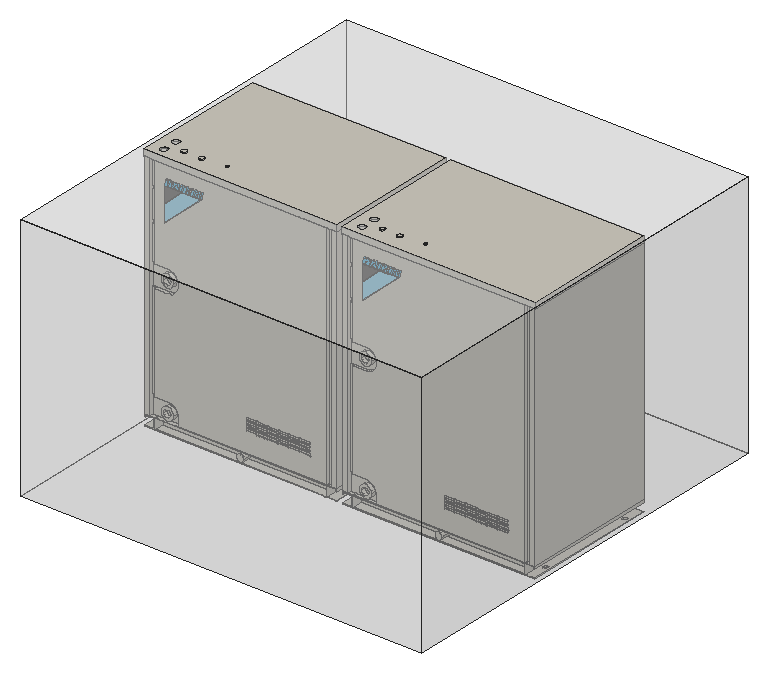
Revit family "outputfile", category 機械設備, Revit 2024
Family settings
  丸型コネクタ寸法 = 半径を使用
  種別 = なし
  パーツ タイプ = 標準
  OmniClass 番号 = 23.75.10.24.21.27.27
  OmniClass タイトル = Split System Air Conditioning Units
  作業面ベース = いいえ
  常に垂直 = はい
  ロード時にボイドで切り取り = いいえ
  注釈の向きを維持 = いいえ
  共有 = いいえ
  部屋計算ポイント = いいえ
Parameters (values of type "RWEYQ14TY14")
  製造元 = "Daikin"
  書き出し IFC クラス(タイプ) = "IfcUnitaryEquipmentType"
  定義済み IFC タイプ(タイプ) = "AIRCONDITIONINGUNIT"
  モデル = "RWEYQ14TY14"
  w_unit2 = 780.0 mm
  w_unit1 = 780.0 mm
  switch_unit2_6-8 [instance] = if(Reverse_ModuleSequence, if(default_unit1 = 1, 1 = 1, 1 = 0), if(default_unit2 = 1, 1 = 1, 1 = 0))  # yes
  switch_unit2_12 [instance] = if(Reverse_ModuleSequence, if(default_unit1 = 3, 1 = 1, 1 = 0), if(default_unit2 = 3, 1 = 1, 1 = 0))  # no
  switch_unit2_10 [instance] = if(Reverse_ModuleSequence, if(default_unit1 = 2, 1 = 1, 1 = 0), if(default_unit2 = 2, 1 = 1, 1 = 0))  # no
  switch_unit1_6-8 [instance] = if(Reverse_ModuleSequence, if(default_unit2 = 1, 1 = 1, 1 = 0), if(default_unit1 = 1, 1 = 1, 1 = 0))  # yes
  switch_unit1_12 [instance] = if(Reverse_ModuleSequence, if(default_unit2 = 3, 1 = 1, 1 = 0), if(default_unit1 = 3, 1 = 1, 1 = 0))  # no
  switch_unit1_10 [instance] = if(Reverse_ModuleSequence, if(default_unit2 = 2, 1 = 1, 1 = 0), if(default_unit1 = 2, 1 = 1, 1 = 0))  # no
  rangle_Drain [instance] = if(Rear Connection_Drain, 180.00°, 0.00°)  # 0.00°
  r_Water Outlet Pipe Connection_unit2 [instance] = Water Outlet Pipe Connection_Unit2 / 2  # 15.9 mm
  r_Water Outlet Pipe Connection_unit1 [instance] = Water Outlet Pipe Connection_Unit1 / 2  # 15.9 mm
  r_Water Inlet Pipe Connection_unit2 [instance] = Water Inlet Pipe Connection_Unit2 / 2  # 15.9 mm
  r_Water Inlet Pipe Connection_unit1 [instance] = Water Inlet Pipe Connection_Unit1 / 2  # 15.9 mm
  r_Liquid Pipe Size_unit2 [instance] = Liquid Pipe Size_Unit 2 / 2  # 4.75 mm
  r_HP/LP Gas Pipe Size_unit2 [instance] = [HP/LP Gas Pipe Size_Unit 2] / 2  # 9.55 mm
  r_HP/LP Gas Pipe Size_unit1 [instance] = [HP/LP Gas Pipe Size_Unit 1] / 2  # 9.55 mm
  r_Gas Pipe Size_unit2 [instance] = Gas Pipe Size_Unit 2 / 2  # 9.55 mm
  r_Drain Pipe Size = Drain Pipe Size / 2  # 6.35 mm
  lw_powersupply2 = 51.0 mm
  lw_liquidpipe2 = 274.0 mm
  lw_gaspipe2 [instance] = if(Heat Pump, 107.0 mm, 178.0 mm)  # 107.0 mm
  lw_Water Outlet2 = 95.0 mm
  lw_Water Outlet1 = 95.0 mm
  lw_Water Inlet2 = 95.0 mm
  lw_Water Inlet1 = 95.0 mm
  lw_HP/LP Gas Pipe2 [instance] = if(Heat Pump, 178.0 mm, 107.0 mm)  # 178.0 mm
  lw_HP/LP Gas Pipe1 [instance] = if(Heat Pump, 178.0 mm, 107.0 mm)  # 178.0 mm
  lw_Drain2 = 390.0 mm
  lw_Drain1 = 390.0 mm
  ld_HP/LP Gas Pipe = 69.0 mm
  h_mountinghole = [h_***] + 2.3 mm  # 2.3 mm
  r_Liquid Pipe Size_unit1 [instance] = Liquid Pipe Size_Unit 1 / 2  # 4.75 mm
  r_Gas Pipe Size_unit1 [instance] = Gas Pipe Size_Unit 1 / 2  # 9.55 mm
  distance_unit1-2 [instance] = 20.0 mm
  default_unit2 = 1
  default_unit1 = 1
  default_Water Outlet Pipe Connection_Unit 2 = 31.8 mm
  default_Water Outlet Pipe Connection_Unit 1 = 31.8 mm
  default_Water Inlet Pipe Connection_Unit 2 = 31.8 mm
  default_Water Inlet Pipe Connection_Unit 1 = 31.8 mm
  default_Model_Unit 2 = "RWEYQ6TY14"
  default_Model_Unit 1 = "RWEYQ8TY14"
  default_Liquid Pipe Size_Unit 2 = 9.5 mm
  default_Liquid Pipe Size_Unit 1 = 9.5 mm
  default_HP/LP Gas Pipe Size_Unit 2 [instance] = if(and(Heat Pump, [switch_unit2_6-8]), 19.1 mm, if(and(Heat Pump, switch_unit2_10), 22.2 mm, if(and(Heat Pump, switch_unit2_12), 22.2 mm, if(and(Heat Recovery, [switch_unit2_6-8]), 15.9 mm, if(and(Heat Recovery, switch_unit2_10), 19.1 mm, if(and(Heat Recovery, switch_unit2_12), 19.1 mm, 19.1 mm))))))  # 19.1 mm
  default_HP/LP Gas Pipe Size_Unit 1 [instance] = if(and(Heat Pump, [switch_unit1_6-8]), 19.1 mm, if(and(Heat Pump, switch_unit1_10), 22.2 mm, if(and(Heat Pump, switch_unit1_12), 22.2 mm, if(and(Heat Recovery, [switch_unit1_6-8]), 15.9 mm, if(and(Heat Recovery, switch_unit1_10), 19.1 mm, if(and(Heat Recovery, switch_unit1_12), 19.1 mm, 19.1 mm))))))  # 19.1 mm
  default_Gas Pipe Size_Unit 2 = 19.1 mm
  default_Gas Pipe Size_Unit 1 = 19.1 mm
  Water Outlet Pipe Connection_Unit2 [instance] = if(Reverse_ModuleSequence, default_Water Inlet Pipe Connection_Unit 1, default_Water Inlet Pipe Connection_Unit 2)  # 31.8 mm
  Water Outlet Pipe Connection_Unit1 [instance] = if(Reverse_ModuleSequence, default_Water Outlet Pipe Connection_Unit 2, default_Water Outlet Pipe Connection_Unit 1)  # 31.8 mm
  Water Inlet Pipe Connection_Unit2 [instance] = if(Reverse_ModuleSequence, default_Water Outlet Pipe Connection_Unit 1, default_Water Outlet Pipe Connection_Unit 2)  # 31.8 mm
  Water Inlet Pipe Connection_Unit1 [instance] = if(Reverse_ModuleSequence, default_Water Inlet Pipe Connection_Unit 2, default_Water Inlet Pipe Connection_Unit 1)  # 31.8 mm
  Voltage_comment_50Hz = "380-415"
  Voltage_50Hz = 400 V
  Top Connection_powersupply2 [instance] = not(Top Connection_powersupply1)  # no
  Sound Power Level (dB) = 71
  Reverse_ModuleSequence [instance] = no
  Rear Connection_Drain [instance] = not(Front Connection_Drain)  # no
  Power Input (Heating) = 6.670 kW
  Phase_50Hz = 3
  Nominal Heating Capacity = 43.000 kW
  Model_Unit 2 [instance] = if(Reverse_ModuleSequence, default_Model_Unit 1, default_Model_Unit 2)  # "RWEYQ6TY14"
  Model_Unit 1 [instance] = if(Reverse_ModuleSequence, default_Model_Unit 2, default_Model_Unit 1)  # "RWEYQ8TY14"
  Minimum Circuit Amps_50Hz = 27.3 A
  Maximum Fuse Amps_50Hz = 35.0 A
  Material_Heat Exchanger = DAIKIN_Blue_HE_outdoorunit
  Material_Casing = DAIKIN_IvoryWhite_Casing_outdoorunit
  lw_powersupply1 = 51.0 mm
  lw_liquidpipe1 = 274.0 mm
  lw_gaspipe1 [instance] = if(Heat Pump, 107.0 mm, 178.0 mm)  # 107.0 mm
  lh_powersupply = 940.0 mm
  ld_powersupply [instance] = if(Top Connection_powersupply1, 38.0 mm, 98.0 mm)  # 38.0 mm
  ld_liquidpipe = 79.0 mm
  ld_gaspipe = 69.0 mm
  h_*** = 0.0 mm
  Width [instance] = [distance_unit1-2] + w_unit1 + w_unit2  # 1580.0 mm
  Version = "ver.1.0"
  Unit Type = ""
  Unit Mass Weight = 292.00 kg
  Unit Designation [instance] = ""
  Uniclass2015Version = "Products v1.30"
  Uniclass2015Title = "Variable refrigerant flow units"
  Uniclass2015Code = "Pr_70_65_03_94"
  Total Cooling Capacity [instance] = 0.000 kW
  Sound Pressure Level (dBA) = 53
  Series = "VRV Heat Recovery"
  Refrigerant_Base Charge = 7.000 kg
  Refrigerant_Additional Charge [instance] = 0.000 kg
  Refrigerant Type = "R410A"
  Power Input (Cooling) = 6.440 kW
  Option Accessory 3 [instance] = ""
  Option Accessory 2 [instance] = ""
  Option Accessory 1 [instance] = ""
  Nominal Cooling Capacity = 38.400 kW
  Load Classification = HVAC
  Liquid Pipe Size_Unit 2 [instance] = if(Reverse_ModuleSequence, default_Liquid Pipe Size_Unit 1, default_Liquid Pipe Size_Unit 2)  # 9.5 mm
  Liquid Pipe Size_Unit 1 [instance] = if(Reverse_ModuleSequence, default_Liquid Pipe Size_Unit 2, default_Liquid Pipe Size_Unit 1)  # 9.5 mm
  Link_Nested Family [instance] = ""
  IfcVersion = ""
  IfcExportType = "AIRCONDITIONINGUNIT"
  IfcExportAs = "IfcUnitaryEquipmentType"
  Height = 1000.0 mm
  Heat Recovery [instance] = not(Heat Pump)  # no
  Heat Pump [instance] = yes
  Heat Exchanger Type = "Stainless Steel Plate"
  HP/LP Gas Pipe Size_Unit 2 [instance] = [default_HP/LP Gas Pipe Size_Unit 2]  # 19.1 mm
  HP/LP Gas Pipe Size_Unit 1 [instance] = [default_HP/LP Gas Pipe Size_Unit 1]  # 19.1 mm
  Gas Pipe Size_Unit 2 [instance] = if(Reverse_ModuleSequence, default_Gas Pipe Size_Unit 1, default_Gas Pipe Size_Unit 2)  # 19.1 mm
  Gas Pipe Size_Unit 1 [instance] = if(Reverse_ModuleSequence, default_Gas Pipe Size_Unit 2, default_Gas Pipe Size_Unit 1)  # 19.1 mm
  Top Connection_powersupply1 [instance] = yes
  Front Connection_Drain [instance] = yes
  Frequency_50Hz = 50 Hz
  Drain Pipe Size = 12.7 mm
  Depth = 550.0 mm
  既定の高さ = 0.0 mm
  Cooling Ambient Wet Bulb Temperature [instance] = 0.00 °C
  Cooling Ambient Dry Bulb Temperature [instance] = 0.00 °C
  Compressor Type = "Hermetically Sealed Scroll Type"
  Clearance visibility [instance] = yes
  Clearance Top = 0.0 mm
  Clearance Right = 20.0 mm
  Clearance Rear = 500.0 mm
  Clearance Left = 20.0 mm
  Clearance Front = 600.0 mm
  Clearance Bottom = 0.0 mm
  CU Tag No. [instance] = ""
Reference planes
  plane 1 "Center (Front/Back)": y = 0
  plane 2 "h_***": z = 0
  plane 3 "Center (Left/Right)": x = 0
  plane 4 "Back": y = 275
  plane 5 "Front": y = -275
  plane 6 "Left": x = -390
  plane 7 "w_unit1": x = 390
  plane 8 "Top": z = 1000
  plane 9 "Clearance Rear": y = 775
  plane 10 "Clearance Front": y = -875
  plane 11 "Clearance Left": x = -410
  plane 12 "Clearance Right": x = 1210
  plane 13 "Clearance Top": z = 1000
  plane 14 "Clearance Bottom": z = 0
  plane 15 "Bottom": z = 0
  plane 16 "lw_powersupply1": x = -339
  plane 17 "ld_powersupply": y = -237
  plane 18 "lw_liquidpipe1": x = -116
  plane 19 "Rear Connection_refrigetant": y = -196
  plane 20 "lw_gaspipe1": x = -283
  plane 21 "ld_gaspipe": y = -206
  plane 22 "lh_logo": z = 900
  plane 23 "lw_logo": x = 100
  plane 24 "lh_powersupply": z = 940
  plane 25 "lw_HP/LP Gas Pipe1": x = -212
  plane 26 "ld_HP/LP Gas Pipe": y = -206
  plane 27 "l_unit2": x = 410
  plane 28 "Right": x = 1190
  plane 29 "lw_powersupply2": x = 461
  plane 30 "lw_liquidpipe2": x = 684
  plane 31 "lw_gaspipe2": x = 517
  plane 32 "lw_HP/LP Gas Pipe2": x = 588
  plane 33 "lw_Water Inlet1": x = -295
  plane 34 "lw_Water Inlet2": x = 505
  plane 35 "lw_Water Outlet1": x = -295
  plane 36 "lw_Water Outlet2": x = 505
  plane 37 "lw_Drain1": x = 0
  plane 38 "lw_Drain2": x = 800
Dimensions and locks
  equal spacing: plane 4 "Back", plane 1 "Center (Front/Back)", plane 5 "Front"
  "Depth": plane 4 "Back" to plane 5 "Front"
  equal spacing: plane 6 "Left", plane 3 "Center (Left/Right)", plane 7 "w_unit1"
  "w_unit1": plane 6 "Left" to plane 7 "w_unit1"
  "Clearance Rear": plane 9 "Clearance Rear" to plane 4 "Back"
  "Clearance Front": plane 10 "Clearance Front" to plane 5 "Front"
  "Clearance Left": plane 11 "Clearance Left" to plane 6 "Left"
  "Clearance Top": plane 13 "Clearance Top" to plane 8 "Top"
  "h_***": plane 15 "Bottom" to plane 2 "h_***"
  "Height": plane 8 "Top" to plane 15 "Bottom"
  "Clearance Bottom": plane 15 "Bottom" to plane 14 "Clearance Bottom"
  "ld_powersupply": plane 17 "ld_powersupply" to plane 5 "Front"
  "ld_liquidpipe": plane 19 "Rear Connection_refrigetant" to plane 5 "Front"
  "ld_gaspipe": plane 21 "ld_gaspipe" to plane 5 "Front"
  locked: plane 23 "lw_logo" to plane 7 "w_unit1" at 290
  locked: plane 22 "lh_logo" to plane 15 "Bottom" at 900
  "lw_gaspipe1": plane 6 "Left" to plane 20 "lw_gaspipe1"
  "lw_liquidpipe1": plane 6 "Left" to plane 18 "lw_liquidpipe1"
  "lw_powersupply1": plane 6 "Left" to plane 16 "lw_powersupply1"
  "lh_powersupply": plane 24 "lh_powersupply" to plane 15 "Bottom"
  "lw_HP/LP Gas Pipe1": plane 6 "Left" to plane 25 "lw_HP/LP Gas Pipe1"
  "ld_HP/LP Gas Pipe": plane 26 "ld_HP/LP Gas Pipe" to plane 5 "Front"
  "distance_unit1-2": plane 7 "w_unit1" to plane 27 "l_unit2"
  "Clearance Right": plane 28 "Right" to plane 12 "Clearance Right"
  "Width": plane 6 "Left" to plane 28 "Right"
  "lw_powersupply2": plane 27 "l_unit2" to plane 29 "lw_powersupply2"
  "lw_HP/LP Gas Pipe2": plane 27 "l_unit2" to plane 32 "lw_HP/LP Gas Pipe2"
  "lw_gaspipe2": plane 27 "l_unit2" to plane 31 "lw_gaspipe2"
  "lw_liquidpipe2": plane 27 "l_unit2" to plane 30 "lw_liquidpipe2"
  "lw_Water Inlet1": plane 6 "Left" to plane 33 "lw_Water Inlet1"
  "lw_Water Inlet2": plane 27 "l_unit2" to plane 34 "lw_Water Inlet2"
  "lw_Water Outlet1": plane 6 "Left" to plane 35 "lw_Water Outlet1"
  "lw_Water Outlet2": plane 27 "l_unit2" to plane 36 "lw_Water Outlet2"
  "lw_Drain1": plane 6 "Left" to plane 37 "lw_Drain1"
  "lw_Drain2": plane 27 "l_unit2" to plane 38 "lw_Drain2"
  aligned and locked: level to plane 2 "h_***"
  aligned and locked: plane 9 "Clearance Rear" to nested 2
  aligned and locked: nested 2 to plane 10 "Clearance Front"
  aligned and locked: plane 11 "Clearance Left" to nested 2
  aligned and locked: plane 12 "Clearance Right" to nested 2
  aligned and locked: plane 13 "Clearance Top" to nested 2
  aligned and locked: plane 14 "Clearance Bottom" to nested 2
  aligned and locked: plane 8 "Top" to nested 1
  aligned and locked: plane 22 "lh_logo" to nested 7
  aligned and locked: nested 8 to plane 16 "lw_powersupply1"
  aligned and locked: nested 9 to plane 20 "lw_gaspipe1"
  aligned and locked: nested 10 to plane 18 "lw_liquidpipe1"
  aligned and locked: nested 10 to plane 19 "Rear Connection_refrigetant"
  aligned and locked: nested 9 to plane 21 "ld_gaspipe"
  aligned and locked: nested 8 to plane 17 "ld_powersupply"
  aligned and locked: plane 5 "Front" to nested 7
  aligned and locked: plane 24 "lh_powersupply" to nested 8
  aligned and locked: plane 27 "l_unit2" to nested 11
  aligned and locked: nested 17 to plane 29 "lw_powersupply2"
  aligned and locked: nested 17 to plane 17 "ld_powersupply"
  aligned and locked: nested 18 to plane 31 "lw_gaspipe2"
  aligned and locked: nested 18 to plane 26 "ld_HP/LP Gas Pipe"
  aligned and locked: plane 1 "Center (Front/Back)" to nested 20
  aligned and locked: plane 33 "lw_Water Inlet1" to nested 20
  aligned and locked: plane 1 "Center (Front/Back)" to nested 21
  aligned and locked: plane 1 "Center (Front/Back)" to nested 22
  aligned and locked: plane 1 "Center (Front/Back)" to nested 23
  aligned and locked: plane 1 "Center (Front/Back)" to nested 24
  aligned and locked: plane 1 "Center (Front/Back)" to nested 25
  aligned and locked: plane 34 "lw_Water Inlet2" to nested 21
  aligned and locked: plane 35 "lw_Water Outlet1" to nested 22
  aligned and locked: plane 36 "lw_Water Outlet2" to nested 23
  aligned and locked: plane 37 "lw_Drain1" to nested 24
  aligned and locked: plane 38 "lw_Drain2" to nested 25
  aligned and locked: plane 25 "lw_HP/LP Gas Pipe1" to nested 26
  aligned and locked: plane 32 "lw_HP/LP Gas Pipe2" to nested 27
  aligned and locked: nested 26 to plane 26 "ld_HP/LP Gas Pipe"
  aligned and locked: nested 27 to plane 26 "ld_HP/LP Gas Pipe"
Nested families
  nested 1: "DAIKIN_outdoorunit_RWEYQ-TY14" at (-31, 0, 0), h_*** <- "h_***", Link_Nest <- "Link_Nested Family", h_mountinghole <- "h_mountinghole", Width <- "w_unit1", switch_unit1_6-8 <- "switch_unit1_6-8", switch_unit1_10 <- "switch_unit1_10", switch_unit1_12 <- "switch_unit1_12", type "RWEYQ-TY14"
    with switch_unit1_6-8 yes, switch_unit1_12 no, switch_unit1_10 no, show_fixedhole yes, h_mountinghole 2.3 mm, h_antenna_mountinghole 998.7 mm, h_*** 0.0 mm, array_bolt 5, Width 780.0 mm, Liquid Pipe Size_Unit 1 9.5 mm, Link_Nest "", HP/LP Pipe Size_Unit 1 19.1 mm, Gas Pipe Size_Unit 1_L 107.0 mm, Gas Pipe Size_Unit 1 19.1 mm
  nested 2: "daikin_clearancespace" at (400, -50, 500.119), visible <- "Clearance visibility", show <- "Clearance visibility", Link_Nested Family <- "Link_Nested Family", type "daikin_clearancespace"
    with width 1620.0 mm, show yes, height 1000.0 mm, depth 1650.0 mm, Link_Nested Family ""
  nested 3: "daikin_mountinghole" at (-372, 200, 0), type "daikin_mountinghole"
    with show yes, l_antenna 998.7 mm, h_mountinghole 2.3 mm, Link_Nested Family ""
  nested 4: "daikin_mountinghole" at (372, 200, 0), type "daikin_mountinghole"
    with show yes, l_antenna 998.7 mm, h_mountinghole 2.3 mm, Link_Nested Family ""
  nested 5: "daikin_mountinghole" at (-372, -200, 0), type "daikin_mountinghole"
    with show yes, l_antenna 998.7 mm, h_mountinghole 2.3 mm, Link_Nested Family ""
  nested 6: "daikin_mountinghole" at (372, -200, 0), type "daikin_mountinghole"
    with show yes, l_antenna 998.7 mm, h_mountinghole 2.3 mm, Link_Nested Family ""
  nested 7: "daikin_logo_elevation_w150" at (-212.5, -275, 744.568), type "daikin_logo_elevation_w150"
    with show_logo yes
  nested 8: "daikin_connector_rotate3" at (-339, -237, 940) x (-1, 0, 0) z (0, 0, -1), type "daikin_connector_rotate3"
    with show no, radius 10.0 mm, length 60.0 mm, angle_vertical 0.00°, angle_horizontal 0.00°
  nested 9: "daikin_connector_rotate3" at (-283, -206, 940) x (-1, 0, 0) z (0, 0, -1), radius <- "r_Gas Pipe Size_unit1", type "daikin_connector_rotate3"
    with show no, radius 9.55 mm, length 60.0 mm, angle_vertical 0.00°, angle_horizontal 0.00°
  nested 10: "daikin_connector_rotate3" at (-116, -196, 940) x (-1, 0, 0) z (0, 0, -1), radius <- "r_Liquid Pipe Size_unit1", type "daikin_connector_rotate3"
    with show no, radius 4.75 mm, length 60.0 mm, angle_vertical 0.00°, angle_horizontal 0.00°
  nested 11: "DAIKIN_outdoorunit_RWEYQ-TY14" at (769, 0, 0), Width <- "w_unit2", switch_unit1_6-8 <- "switch_unit2_6-8", switch_unit1_10 <- "switch_unit2_10", switch_unit1_12 <- "switch_unit2_12", type "RWEYQ-TY14"
    with switch_unit1_6-8 yes, switch_unit1_12 no, switch_unit1_10 no, show_fixedhole yes, h_mountinghole 2.3 mm, h_antenna_mountinghole 998.7 mm, h_*** 0.0 mm, array_bolt 5, Width 780.0 mm, Liquid Pipe Size_Unit 1 9.5 mm, Link_Nest "", HP/LP Pipe Size_Unit 1 19.1 mm, Gas Pipe Size_Unit 1_L 107.0 mm, Gas Pipe Size_Unit 1 19.1 mm
  nested 12: "daikin_mountinghole" at (428, 200, 0), type "daikin_mountinghole"
    with show yes, l_antenna 998.7 mm, h_mountinghole 2.3 mm, Link_Nested Family ""
  nested 13: "daikin_mountinghole" at (1172, 200, 0), type "daikin_mountinghole"
    with show yes, l_antenna 998.7 mm, h_mountinghole 2.3 mm, Link_Nested Family ""
  nested 14: "daikin_mountinghole" at (428, -200, 0), type "daikin_mountinghole"
    with show yes, l_antenna 998.7 mm, h_mountinghole 2.3 mm, Link_Nested Family ""
  nested 15: "daikin_mountinghole" at (1172, -200, 0), type "daikin_mountinghole"
    with show yes, l_antenna 998.7 mm, h_mountinghole 2.3 mm, Link_Nested Family ""
  nested 16: "daikin_connector_rotate3" at (684, -196, 940) x (-1, 0, 0) z (0, 0, -1), radius <- "r_Liquid Pipe Size_unit2", type "daikin_connector_rotate3"
    with show no, radius 4.75 mm, length 60.0 mm, angle_vertical 0.00°, angle_horizontal 0.00°
  nested 17: "daikin_connector_rotate3" at (461, -237, 940) x (-1, 0, 0) z (0, 0, -1), type "daikin_connector_rotate3"
    with show no, radius 10.0 mm, length 60.0 mm, angle_vertical 0.00°, angle_horizontal 0.00°
  nested 18: "daikin_connector_rotate3" at (517, -206, 940) x (-1, 0, 0) z (0, 0, -1), radius <- "r_Gas Pipe Size_unit2", type "daikin_connector_rotate3"
    with show no, radius 9.55 mm, length 60.0 mm, angle_vertical 0.00°, angle_horizontal 0.00°
  nested 19: "daikin_logo_elevation_w150" at (587.5, -275, 744.568), type "daikin_logo_elevation_w150"
    with show_logo yes
  nested 20: "daikin_connector_rotate3" at (-295, 0, 76), radius <- "r_Water Inlet Pipe Connection_unit1", type "daikin_connector_rotate3"
    with show no, radius 15.9 mm, length 275.0 mm, angle_vertical 90.00°, angle_horizontal 0.00°
  nested 21: "daikin_connector_rotate3" at (505, 0, 76), radius <- "r_Water Inlet Pipe Connection_unit2", type "daikin_connector_rotate3"
    with show no, radius 15.9 mm, length 275.0 mm, angle_vertical 90.00°, angle_horizontal 0.00°
  nested 22: "daikin_connector_rotate3" at (-295, 0, 556), radius <- "r_Water Outlet Pipe Connection_unit1", type "daikin_connector_rotate3"
    with show no, radius 15.9 mm, length 275.0 mm, angle_vertical 90.00°, angle_horizontal 0.00°
  nested 23: "daikin_connector_rotate3" at (505, 0, 556), radius <- "r_Water Outlet Pipe Connection_unit2", type "daikin_connector_rotate3"
    with show no, radius 15.9 mm, length 275.0 mm, angle_vertical 90.00°, angle_horizontal 0.00°
  nested 24: "daikin_connector_rotate3" at (0, 0, 19), angle_horizontal <- "rangle_Drain", radius <- "r_Drain Pipe Size", type "daikin_connector_rotate3"
    with show no, radius 6.35 mm, length 275.0 mm, angle_vertical 90.00°, angle_horizontal 0.00°
  nested 25: "daikin_connector_rotate3" at (800, 0, 19), angle_horizontal <- "rangle_Drain", radius <- "r_Drain Pipe Size", type "daikin_connector_rotate3"
    with show no, radius 6.35 mm, length 275.0 mm, angle_vertical 90.00°, angle_horizontal 0.00°
  nested 26: "daikin_connector_rotate3" at (-212, -206, 940) x (1, 0, 0) z (0, 0, -1), radius <- "r_HP/LP Gas Pipe Size_unit1", type "daikin_connector_rotate3"
    with show no, radius 9.55 mm, length 60.0 mm, angle_vertical 0.00°, angle_horizontal 0.00°
  nested 27: "daikin_connector_rotate3" at (588, -206, 940) x (1, 0, 0) z (0, 0, -1), radius <- "r_HP/LP Gas Pipe Size_unit2", type "daikin_connector_rotate3"
    with show no, radius 9.55 mm, length 60.0 mm, angle_vertical 0.00°, angle_horizontal 0.00°
Connectors
  piping at (-116, -196, 1000), diameter 9.5, driven by "r_Liquid Pipe Size_unit1"
    settings: on nested 10, index 12, connector inside diameter 609.6 mm, connector length 0.0 mm, flow factor 0, pipe flow 0.00 m³/h, pressure drop 0.0 Pa, fitting loss kfactor 0, connector angle 0.00°, fixture units 0, engagement length 0.0 mm, angle of deflection 0.00°, flow configuration 0, flow direction 2, fitting loss method 0, system type 29, joint type 0, gender type 0, connector reference index -1, connector utility 0, adjustable connector no, is connector primary no, connector description "Refrigerant Liquid Piping1"
  electrical at (-339, -237, 1000), driven by "Load Classification"
    settings: on nested 8, index 13, voltage 0 V, apparent load 0 VA, apparent load phase1 0 VA, apparent load phase2 0 VA, apparent load phase3 0 VA, power factor 1, load classification "HVAC", number of poles 1, system type 30, power factor state 1, is connector primary yes, connector utility no, sub classification motor no, connector description "Power Supply1"
  piping at (684, -196, 1000), diameter 9.5, driven by "r_Liquid Pipe Size_unit2"
    settings: on nested 16, index 15, connector inside diameter 609.6 mm, connector length 0.0 mm, flow factor 0, pipe flow 0.00 m³/h, pressure drop 0.0 Pa, fitting loss kfactor 0, connector angle 0.00°, fixture units 0, engagement length 0.0 mm, angle of deflection 0.00°, flow configuration 0, flow direction 2, fitting loss method 0, system type 29, joint type 0, gender type 0, connector reference index -1, connector utility 0, adjustable connector no, is connector primary no, connector description "Refrigerant Liquid Piping2"
  electrical at (461, -237, 1000), driven by "Load Classification"
    settings: on nested 17, index 17, voltage 0 V, apparent load 0 VA, apparent load phase1 0 VA, apparent load phase2 0 VA, apparent load phase3 0 VA, power factor 1, load classification "HVAC", number of poles 1, system type 30, power factor state 1, is connector primary no, connector utility no, sub classification motor no, connector description "Power Supply2"
  piping at (-295, -275, 556), diameter 31.8, driven by "r_Water Outlet Pipe Connection_unit1"
    settings: on nested 22, index 19, connector inside diameter 609.6 mm, connector length 0.0 mm, flow factor 0, pipe flow 0.00 m³/h, pressure drop 0.0 Pa, fitting loss kfactor 0, connector angle 0.00°, fixture units 0, engagement length 0.0 mm, angle of deflection 0.00°, flow configuration 1, flow direction 2, fitting loss method 0, system type 8, joint type 0, gender type 0, connector reference index -1, connector utility 0, adjustable connector no, is connector primary no, connector description "Cooling Water Outlet Piping 1"
  piping at (-295, -275, 76), diameter 31.8, driven by "r_Water Inlet Pipe Connection_unit1"
    settings: on nested 20, index 20, connector inside diameter 609.6 mm, connector length 0.0 mm, flow factor 0, pipe flow 0.00 m³/h, pressure drop 0.0 Pa, fitting loss kfactor 0, connector angle 0.00°, fixture units 0, engagement length 0.0 mm, angle of deflection 0.00°, flow configuration 1, flow direction 1, fitting loss method 0, system type 7, joint type 0, gender type 0, connector reference index -1, connector utility 0, adjustable connector no, is connector primary no, connector description "Cooling Water Inlet  Piping 1"
  piping at (505, -275, 556), diameter 31.8, driven by "r_Water Outlet Pipe Connection_unit2"
    settings: on nested 23, index 21, connector inside diameter 609.6 mm, connector length 0.0 mm, flow factor 0, pipe flow 0.00 m³/h, pressure drop 0.0 Pa, fitting loss kfactor 0, connector angle 0.00°, fixture units 0, engagement length 0.0 mm, angle of deflection 0.00°, flow configuration 1, flow direction 2, fitting loss method 0, system type 8, joint type 0, gender type 0, connector reference index -1, connector utility 0, adjustable connector no, is connector primary no, connector description "Cooling Water Outlet Piping 2"
  piping at (505, -275, 76), diameter 31.8, driven by "r_Water Inlet Pipe Connection_unit2"
    settings: on nested 21, index 22, connector inside diameter 609.6 mm, connector length 0.0 mm, flow factor 0, pipe flow 0.00 m³/h, pressure drop 0.0 Pa, fitting loss kfactor 0, connector angle 0.00°, fixture units 0, engagement length 0.0 mm, angle of deflection 0.00°, flow configuration 1, flow direction 1, fitting loss method 0, system type 7, joint type 0, gender type 0, connector reference index -1, connector utility 0, adjustable connector no, is connector primary no, connector description "Cooling Water Inlet  Piping 2"
  piping at (0, -275, 19), diameter 12.7, driven by "r_Drain Pipe Size"
    settings: on nested 24, index 23, connector inside diameter 609.6 mm, connector length 0.0 mm, flow factor 0, pipe flow 0.00 m³/h, pressure drop 0.0 Pa, fitting loss kfactor 0, connector angle 0.00°, fixture units 0, engagement length 0.0 mm, angle of deflection 0.00°, flow configuration 1, flow direction 2, fitting loss method 4, system type 16, joint type 0, gender type 0, connector reference index -1, connector utility 0, adjustable connector no, is connector primary no, connector description "Condensate Drain Piping 1"
  piping at (800, -275, 19), diameter 12.7, driven by "r_Drain Pipe Size"
    settings: on nested 25, index 24, connector inside diameter 609.6 mm, connector length 0.0 mm, flow factor 0, pipe flow 0.00 m³/h, pressure drop 0.0 Pa, fitting loss kfactor 0, connector angle 0.00°, fixture units 0, engagement length 0.0 mm, angle of deflection 0.00°, flow configuration 1, flow direction 2, fitting loss method 4, system type 16, joint type 0, gender type 0, connector reference index -1, connector utility 0, adjustable connector no, is connector primary no, connector description "Condensate Drain Piping 2"
  piping at (-212, -206, 1000), diameter 19.1, driven by "r_HP/LP Gas Pipe Size_unit1"
    settings: on nested 26, index 27, connector inside diameter 609.6 mm, connector length 0.0 mm, flow factor 0, pipe flow 0.00 m³/h, pressure drop 0.0 Pa, fitting loss kfactor 0, connector angle 0.00°, fixture units 0, engagement length 0.0 mm, angle of deflection 0.00°, flow configuration 0, flow direction 0, fitting loss method 0, system type 29, joint type 0, gender type 0, connector reference index -1, connector utility 0, adjustable connector no, is connector primary no, connector description "Refrigerant HP/LP Gas Piping1"
  piping at (588, -206, 1000), diameter 19.1, driven by "r_HP/LP Gas Pipe Size_unit2"
    settings: on nested 27, index 28, connector inside diameter 609.6 mm, connector length 0.0 mm, flow factor 0, pipe flow 0.00 m³/h, pressure drop 0.0 Pa, fitting loss kfactor 0, connector angle 0.00°, fixture units 0, engagement length 0.0 mm, angle of deflection 0.00°, flow configuration 0, flow direction 0, fitting loss method 0, system type 29, joint type 0, gender type 0, connector reference index -1, connector utility 0, adjustable connector no, is connector primary no, connector description "Refrigerant HP/LP Gas Piping2"
  piping at (-283, -206, 1000), diameter 19.1, driven by "r_Gas Pipe Size_unit1"
    settings: on nested 9, index 29, connector inside diameter 609.6 mm, connector length 0.0 mm, flow factor 0, pipe flow 0.00 m³/h, pressure drop 0.0 Pa, fitting loss kfactor 0, connector angle 0.00°, fixture units 0, engagement length 0.0 mm, angle of deflection 0.00°, flow configuration 0, flow direction 1, fitting loss method 0, system type 29, joint type 0, gender type 0, connector reference index -1, connector utility 0, adjustable connector no, is connector primary yes, connector description "Refrigerant Gas Piping1"
  piping at (517, -206, 1000), diameter 19.1, driven by "r_Gas Pipe Size_unit2"
    settings: on nested 18, index 30, connector inside diameter 609.6 mm, connector length 0.0 mm, flow factor 0, pipe flow 0.00 m³/h, pressure drop 0.0 Pa, fitting loss kfactor 0, connector angle 0.00°, fixture units 0, engagement length 0.0 mm, angle of deflection 0.00°, flow configuration 0, flow direction 1, fitting loss method 0, system type 29, joint type 0, gender type 0, connector reference index -1, connector utility 0, adjustable connector no, is connector primary no, connector description "Refrigerant Gas Piping2"
Definition of nested family "DAIKIN_outdoorunit_RWEYQ-TY14"
  Parameters (values of type "RWEYQ-TY14")
    w_wiremesh_right = 668.0 mm  # constant formula
    w_wiremesh_left = 590.0 mm  # constant formula
    w_wiremesh_front = 248.0 mm  # constant formula
    switch_unit1_6-8 [instance] = no
    switch_unit1_12 [instance] = yes
    switch_unit1_10 [instance] = no
    show_fixedhole [instance] = yes
    material_heatexchanger = none
    material_casing = none
    ld_hole1_bottom = 154.0 mm  # constant formula
    h_wiremesh = 900.0 mm  # constant formula
    h_mountinghole [instance] = 2.3 mm
    h_antenna_mountinghole [instance] = Height + 1.0 mm - 2.3 mm  # 998.7 mm
    h_*** [instance] = 0.0 mm
    array_bolt [instance] = 5
    Width [instance] = 780.0 mm
    Liquid Pipe Size_Unit 1 [instance] = if([switch_unit1_6-8], 9.5 mm, if(switch_unit1_10, 9.5 mm, if(switch_unit1_12, 12.7 mm, 9.5 mm)))  # 12.7 mm
    Link_Nest [instance] = ""
    Height = 1000.0 mm
    Heat Recovery = not(Heat Pump)  # no
    Heat Pump = yes
    HP/LP Pipe Size_Unit 1_L = if(Heat Pump, 178.0 mm, 107.0 mm)  # 178.0 mm
    HP/LP Pipe Size_Unit 1 [instance] = if(Heat Recovery, if([switch_unit1_6-8], 15.9 mm, if(switch_unit1_10, 19.1 mm, if(switch_unit1_12, 19.1 mm, 15.9 mm))), if([switch_unit1_6-8], 19.1 mm, if(switch_unit1_10, 22.2 mm, if(switch_unit1_12, 22.2 mm, 19.1 mm))))  # 22.2 mm
    Gas Pipe Size_Unit 1_L [instance] = if(Heat Pump, 107.0 mm, 178.0 mm)  # 107.0 mm
    Gas Pipe Size_Unit 1_H = 60.0 mm  # constant formula
    Gas Pipe Size_Unit 1 [instance] = if([switch_unit1_6-8], 19.1 mm, if(switch_unit1_10, 22.2 mm, if(switch_unit1_12, 22.2 mm, 19.1 mm)))  # 22.2 mm
    Depth = 550.0 mm
    Default Elevation = 0.0 mm
  Reference planes
    plane 1 "Center (Front/Back)": y = 0
    plane 2 "reference_level": z = 0
    plane 3 "Center (Left/Right)": x = 31
    plane 4 "Bottom": z = 0
    plane 5: x = 421
    plane 6: x = -359
    plane 7 "Back": y = 275
    plane 8 "Front": y = -275
    plane 9: z = 1000
    plane 10: z = 976
    plane 11: y = -255
    plane 12: y = 255
    plane 13: x = -337
    plane 14: x = 399
    plane 15: x = -341
    plane 16: z = 45
    plane 17: x = 403
    plane 18: y = 200
    plane 19: y = -200
    plane 20: z = 1060
    plane 21: z = 19
    plane 22: z = 1000
    plane 23: z = 940
  Forms (mm)
    Extrusion 1, solid, material <- "material_heatexchanger"
      sketch origin (0, 0, 0) x (1, 0, 0) y (0, 1, 0)
        loop
          line (-337, 255) -> (-337, -255) -> (399, -255) -> (399, 255) -> (-337, 255)
      from 54 to 976
    Extrusion 2, void
      sketch origin (0, 350, 0) x (1, 0, 0) y (0, 1, 0)
        loop
          circle (-341, -150) r 8.5
        loop
          circle (403, -150) r 8.5
        loop
          circle (403, -550) r 8.5
        loop
          circle (-341, -550) r 8.5
      from 0 to 29.064
    Extrusion 3, solid, material <- "material_casing"
      sketch origin (620, -305, 0) x (-1, 0, 0) y (0, 0, 1)
        loop
          line (204.3, 35.061) -> (204.3, 42.7) -> (239.7, 42.7) -> (239.7, 2.3) -> (201, 2.3) -> (201, 0) -> (242, 0) -> (242, 45) -> (201, 45) -> (201, 35.061) -> (204.3, 35.061)
        loop
          line (973.7, 35.061) -> (977, 35.061) -> (977, 45) -> (936, 45) -> (936, 0) -> (977, 0) -> (977, 2.3) -> (938.3, 2.3) -> (938.3, 42.7) -> (973.7, 42.7) -> (973.7, 35.061)
      from 30 to 580
    Extrusion 4, solid, material <- "material_casing"
      sketch origin (31, 0, 0) x (0, 1, 0) y (0, 0, 1)
        loop
          line (-275, 45) -> (-275, 42.7) -> (-236.3, 42.7) -> (-236.3, 2.3) -> (-275, 2.3) -> (-275, 0) -> (-234, 0) -> (-234, 45) -> (-275, 45)
        loop
          line (275, 45) -> (234, 45) -> (234, 0) -> (275, 0) -> (275, 2.3) -> (236.3, 2.3) -> (236.3, 42.7) -> (275, 42.7) -> (275, 45)
      from -347 to 347
    Extrusion 5, solid, material <- "material_casing"
      sketch origin (0, 0, 0) x (1, 0, 0) y (0, 1, 0)
        loop
          circle (-85, -196) r 6.35
        loop
          circle (-181, -206) r 11.1
      from 940 to 1000
    Extrusion 6, solid, material <- "material_casing"
      sketch origin (-663.497, -190, 1200) x (-1, 0, 0) y (0, 0, 1)
        loop
          circle (-694.497, -1181) r 14
      from -85 to -46.3
    Extrusion 7, solid, material <- "material_casing"
      sketch origin (-663.497, 321.3, 1200) x (-1, 0, 0) y (0, 0, 1)
        loop
          circle (-694.497, -1181) r 14
      from -85 to -46.3
    Extrusion 8, solid, material <- "material_casing"
      sketch origin (0, -500, 0) x (1, 0, 0) y (0, 1, 0)
        loop
          circle (-252, 294) r 11.1
      from 940 to 1000
  Cuts and joins
    Extrusion 2 cuts Extrusion 3
  Dimensions and locks
    equal spacing: plane 6, plane 3 "Center (Left/Right)", plane 5
    "Width": plane 6 to plane 5
    locked: plane 9 to plane 10 at 24
    "Depth": plane 8 "Front" to plane 7 "Back"
    equal spacing: plane 7 "Back", plane 1 "Center (Front/Back)", plane 8 "Front"
    locked: plane 12 to plane 7 "Back" at 20
    locked: plane 11 to plane 8 "Front" at 20
    locked: plane 6 to plane 13 at 22
    locked: plane 14 to plane 5 at 22
    locked: plane 6 to plane 15 at 18
    "h_***": plane 4 "Bottom" to plane 2 "reference_level"
    locked: plane 16 to plane 4 "Bottom" at 45
    "Height": plane 9 to plane 4 "Bottom"
    locked: plane 5 to Extrusion 3 sketch curve at 2  (x2)
    locked: Extrusion 3 sketch curve to Extrusion 3 sketch curve at 41  (x2)
    locked: Extrusion 3 sketch curve to Extrusion 3 sketch curve at 3.3  (x2)
    locked: Extrusion 3 sketch curve to plane 6 at 2  (x2)
    locked: plane 8 "Front" to Extrusion 4 sketch curve at 41
    locked: Extrusion 4 sketch curve to plane 7 "Back" at 41
    locked: plane 17 to plane 5 at 18
    plane 19 to plane 8 "Front" = 75.0 mm
    locked: plane 18 to plane 7 "Back" at 75
    locked: Extrusion 5 sketch curve to plane 8 "Front" at 79
    locked: plane 6 to Extrusion 5 sketch curve at 274
    "HP/LP Pipe Size_Unit 1_L": plane 6 to Extrusion 5 sketch curve
    locked: Extrusion 5 sketch curve to plane 8 "Front" at 69
    locked: plane 20 to plane 9 at 60
    locked: plane 21 to plane 4 "Bottom" at 19
    "Gas Pipe Size_Unit 1_L": plane 6 to Extrusion 8 sketch curve
    locked: Extrusion 8 sketch curve to plane 8 "Front" at 69
    "Gas Pipe Size_Unit 1_H": plane 20 to plane 22
    locked: plane 22 to plane 23 at 60
    "HP/LP Pipe Size_Unit 1": diameter of Extrusion 5 sketch curve
    "Liquid Pipe Size_Unit 1": diameter of Extrusion 5 sketch curve
    "Gas Pipe Size_Unit 1": diameter of Extrusion 8 sketch curve
    aligned and locked: level to plane 2 "reference_level"
    aligned and locked: plane 12 to Extrusion 1 sketch curve
    aligned and locked: plane 11 to Extrusion 1 sketch curve
    aligned and locked: plane 13 to Extrusion 1 sketch curve
    aligned and locked: plane 14 to Extrusion 1 sketch curve
    aligned and locked: plane 10 to Extrusion 1
    aligned and locked: plane 11 to nested 1
    aligned and locked: plane 10 to nested 4
    aligned and locked: nested 5 to plane 9
    aligned and locked: plane 10 to nested 3
    aligned and locked: plane 10 to nested 2
    aligned and locked: plane 13 to nested 4
    aligned and locked: plane 14 to nested 2
    aligned and locked: plane 12 to nested 3
    aligned and locked: plane 15 to nested 7
    aligned and locked: plane 15 to nested 9
    aligned and locked: plane 8 "Front" to nested 5
    aligned and locked: plane 6 to nested 5
    aligned and locked: plane 10 to nested 1
    aligned and locked: plane 13 to nested 1
    aligned and locked: nested 2 to plane 1 "Center (Front/Back)"
    aligned and locked: nested 3 to plane 3 "Center (Left/Right)"
    aligned and locked: plane 1 "Center (Front/Back)" to nested 4
    aligned and locked: nested 6 to plane 3 "Center (Left/Right)"
    aligned and locked: plane 1 "Center (Front/Back)" to nested 6
    aligned and locked: plane 16 to Extrusion 3 sketch curve
    aligned and locked: Extrusion 3 sketch curve to plane 4 "Bottom"
    aligned and locked: Extrusion 3 sketch curve to plane 16
    aligned and locked: plane 4 "Bottom" to Extrusion 3 sketch curve
    aligned and locked: Extrusion 3 to plane 7 "Back"
    aligned and locked: Extrusion 3 to plane 8 "Front"
    aligned and locked: plane 8 "Front" to Extrusion 4 sketch curve  (x2)
    aligned and locked: plane 4 "Bottom" to Extrusion 4 sketch curve
    aligned and locked: Extrusion 4 sketch curve to plane 16
    aligned and locked: Extrusion 4 sketch curve to plane 7 "Back"  (x2)
    aligned and locked: plane 18 to Extrusion 2 sketch curve  (x2)
    aligned and locked: plane 15 to Extrusion 2 sketch curve  (x2)
    aligned and locked: plane 17 to Extrusion 2 sketch curve  (x2)
    aligned and locked: plane 17 to nested 8
    aligned and locked: plane 18 to nested 8
    aligned and locked: plane 18 to nested 7
    aligned and locked: nested 7 to plane 15
    aligned and locked: nested 9 to plane 19
    aligned and locked: nested 9 to plane 15
    aligned and locked: nested 10 to plane 19
    aligned and locked: plane 17 to nested 10
    aligned and locked: plane 19 to Extrusion 2 sketch curve  (x2)
    aligned and locked: plane 3 "Center (Left/Right)" to Extrusion 6 sketch curve
    aligned and locked: plane 21 to Extrusion 6 sketch curve
    aligned and locked: plane 22 to Extrusion 8
    aligned and locked: Extrusion 8 to plane 22
    aligned and locked: Extrusion 8 to plane 23
    aligned and locked: Extrusion 5 to plane 23
    aligned and locked: Extrusion 5 to plane 22
  Automatic sketch dimensions
    Extrusion 3 sketch curve to Extrusion 3 sketch curve = 2.3 mm  (x2)
    level to Extrusion 3 sketch curve = 2.3 mm  (x2)
    Extrusion 3 sketch curve to plane 16 = 9.939 mm  (x2)
    Extrusion 3 sketch curve to plane 16 = 2.3 mm  (x2)
    Extrusion 4 sketch curve to level = 0.0 mm
    Extrusion 4 sketch curve to plane 16 = 0.0 mm
    Extrusion 4 sketch curve to Extrusion 4 sketch curve = 2.3 mm  (x2)
    level to Extrusion 4 sketch curve = 2.3 mm  (x2)
    Extrusion 4 sketch curve to plane 16 = 2.3 mm  (x2)
    Extrusion 7 sketch curve to plane 3 "Center (Left/Right)" = 0.0 mm
    Extrusion 7 sketch curve to plane 21 = 0.0 mm
    radius of Extrusion 2 sketch curve = 8.5 mm  (x4)
    radius of Extrusion 6 sketch curve = 14.0 mm
    radius of Extrusion 7 sketch curve = 14.0 mm
  Nested families
    nested 1: "outdoorunit_frontpanel" at (-337, -265, 45), material <- "material_casing", type "frontpanel1"
      with material none
    nested 2: "outdoorunit_rightpanel1" at (409, -275, 45) x (0, 1, 0) z (0, 0, 1), material <- "material_casing", type "frontpanel1"
      with material none
    nested 3: "outdoorunit_backpanel" at (399, 265, 45) x (-1, 0, 0) z (0, 0, 1), material <- "material_casing", type "frontpanel1"
      with material none
    nested 4: "outdoorunit_leftpanel" at (-347, 275, 45) x (0, -1, 0) z (0, 0, 1), material <- "material_casing", type "frontpanel1"
      with material none
    nested 5: "outdoorunit_uppanel" at (-359, -275, 988) x (1, 0, 0) z (0, 1, 0), material <- "material_casing", type "frontpanel1"
      with material none
    nested 6: "outdoorunit_downpanel" at (399, 255, 56) x (-1, 0, 0) z (0, -1, 0), material <- "material_casing", type "frontpanel1"
      with material none
    nested 7: "daikin_mountinghole" at (-341, 200, 0), visible <- "show_fixedhole", Link_Nested Family <- "Link_Nest", l_antenna <- "h_antenna_mountinghole", h_mountinghole <- "h_mountinghole", type "daikin_mountinghole"
      with show yes, l_antenna 998.7 mm, h_mountinghole 2.3 mm, Link_Nested Family ""
    nested 8: "daikin_mountinghole" at (403, 200, 0), visible <- "show_fixedhole", Link_Nested Family <- "Link_Nest", l_antenna <- "h_antenna_mountinghole", h_mountinghole <- "h_mountinghole", type "daikin_mountinghole"
      with show yes, l_antenna 998.7 mm, h_mountinghole 2.3 mm, Link_Nested Family ""
    nested 9: "daikin_mountinghole" at (-341, -200, 0), visible <- "show_fixedhole", Link_Nested Family <- "Link_Nest", l_antenna <- "h_antenna_mountinghole", h_mountinghole <- "h_mountinghole", type "daikin_mountinghole"
      with show yes, l_antenna 998.7 mm, h_mountinghole 2.3 mm, Link_Nested Family ""
    nested 10: "daikin_mountinghole" at (403, -200, 0), visible <- "show_fixedhole", Link_Nested Family <- "Link_Nest", l_antenna <- "h_antenna_mountinghole", h_mountinghole <- "h_mountinghole", type "daikin_mountinghole"
      with show yes, l_antenna 998.7 mm, h_mountinghole 2.3 mm, Link_Nested Family ""
  Definition of nested family "outdoorunit_frontpanel"
    Parameters (values of type "frontpanel1")
      width = 736.0 mm
      material [instance] = none
      height1 = 931.0 mm
      depth = 20.0 mm
      Default Elevation = 0.0 mm
    Reference planes
      plane 1 "Center (Front/Back)": y = 0
      plane 2 "Bottom": z = 0
      plane 3: x = 0
      plane 4 "Back": y = 10
      plane 5 "Front": y = -10
      plane 6: x = 736
      plane 7 "Top": z = 931
      plane 8 "Left": x = 0
      plane 9 "Center L/S": y = 5
      plane 10 "Center L/T": y = -5
    Forms (mm)
      Extrusion 1, solid, material <- "material"
        sketch origin (0, 0, 0) x (1, 0, 0) y (0, 1, 0)
          loop
            line (0, 10) -> (0, -10) -> (736, -10) -> (736, 10) -> (0, 10)
        from 0 to 931
      Extrusion 2, void
        sketch origin (0, 0, 0) x (1, 0, 0) y (0, 0, 1)
          loop
            line (0, 931) -> (0, 0) -> (21, 0) -> (21, 931) -> (0, 931)
          loop
            line (736, 931) -> (715, 931) -> (715, 0) -> (736, 0) -> (736, 931)
        from 0 to 250
      Extrusion 3, void
        sketch origin (0, 0, 0) x (1, 0, 0) y (0, 0, 1)
          loop
            line (2, 931) -> (-33, 931) -> (-33, -14) -> (118, -14) -> (118, 31)
            arc (118, 31) -> (104.82, 62.82) -> (73, 76) r 45
            line (73, 76) -> (2, 76) -> (2, 466) -> (73, 466)
            arc (73, 466) -> (118, 511) -> (73, 556) r 45
            line (73, 556) -> (2, 556) -> (2, 692) -> (10.5, 692)
            arc (10.5, 692) -> (18, 699.5) -> (10.5, 707) r 7.5
            line (10.5, 707) -> (2, 707) -> (2, 817) -> (10.5, 817)
            arc (10.5, 817) -> (18, 824.5) -> (10.5, 832) r 7.5
            line (10.5, 832) -> (2, 832) -> (2, 931)
        from -5 to 250
      Extrusion 4, void
        sketch origin (0, 0, 0) x (1, 0, 0) y (0, 0, 1)
          loop
            line (734, 931) -> (734, 0) -> (972.161, 0) -> (972.161, 931) -> (734, 931)
        from -5 to 250
      Extrusion 5, solid, material <- "material"
        sketch origin (0, 0, 0) x (1, 0, 0) y (0, 0, 1)
          loop
            circle (73, 511) r 25
          loop
            circle (73, 511) r 15.5
          loop
            circle (73, 31) r 25
          loop
            circle (73, 31) r 15.5
        from -5 to 10
      Extrusion 6, void
        sketch origin (0, 0, 0) x (1, 0, 0) y (0, 0, 1)
          loop
            line (390.8, 131) -> (390.8, 118.75) -> (433.5, 118.75) -> (433.5, 131) -> (390.8, 131)
          loop
            line (390.8, 80) -> (433.5, 80) -> (433.5, 92.25) -> (390.8, 92.25) -> (390.8, 80)
          loop
            line (390.8, 117.75) -> (390.8, 106) -> (433.5, 106) -> (433.5, 117.75) -> (390.8, 117.75)
          loop
            line (390.8, 105) -> (390.8, 93.25) -> (433.5, 93.25) -> (433.5, 105) -> (390.8, 105)
          loop
            line (476.7, 131) -> (434.5, 131) -> (434.5, 118.75) -> (476.7, 118.75) -> (476.7, 131)
          loop
            line (434.5, 80) -> (476.7, 80) -> (476.7, 92.25) -> (434.5, 92.25) -> (434.5, 80)
          loop
            line (434.5, 117.75) -> (434.5, 106) -> (476.7, 106) -> (476.7, 117.75) -> (434.5, 117.75)
          loop
            line (434.5, 105) -> (434.5, 93.25) -> (476.7, 93.25) -> (476.7, 105) -> (434.5, 105)
          loop
            line (519.9, 131) -> (477.7, 131) -> (477.7, 118.75) -> (519.9, 118.75) -> (519.9, 131)
          loop
            line (477.7, 80) -> (519.9, 80) -> (519.9, 92.25) -> (477.7, 92.25) -> (477.7, 80)
          loop
            line (477.7, 117.75) -> (477.7, 106) -> (519.9, 106) -> (519.9, 117.75) -> (477.7, 117.75)
          loop
            line (477.7, 105) -> (477.7, 93.25) -> (519.9, 93.25) -> (519.9, 105) -> (477.7, 105)
          loop
            line (563.1, 131) -> (520.9, 131) -> (520.9, 118.75) -> (563.1, 118.75) -> (563.1, 131)
          loop
            line (520.9, 80) -> (563.1, 80) -> (563.1, 92.25) -> (520.9, 92.25) -> (520.9, 80)
          loop
            line (520.9, 117.75) -> (520.9, 106) -> (563.1, 106) -> (563.1, 117.75) -> (520.9, 117.75)
          loop
            line (520.9, 105) -> (520.9, 93.25) -> (563.1, 93.25) -> (563.1, 105) -> (520.9, 105)
          loop
            line (606.3, 131) -> (564.1, 131) -> (564.1, 118.75) -> (606.3, 118.75) -> (606.3, 131)
          loop
            line (564.1, 80) -> (606.3, 80) -> (606.3, 92.25) -> (564.1, 92.25) -> (564.1, 80)
          loop
            line (564.1, 117.75) -> (564.1, 106) -> (606.3, 106) -> (606.3, 117.75) -> (564.1, 117.75)
          loop
            line (564.1, 105) -> (564.1, 93.25) -> (606.3, 93.25) -> (606.3, 105) -> (564.1, 105)
          loop
            line (650, 131) -> (607.3, 131) -> (607.3, 118.75) -> (650, 118.75) -> (650, 131)
          loop
            line (607.3, 80) -> (650, 80) -> (650, 92.25) -> (607.3, 92.25) -> (607.3, 80)
          loop
            line (607.3, 117.75) -> (607.3, 106) -> (650, 106) -> (650, 117.75) -> (607.3, 117.75)
          loop
            line (607.3, 105) -> (607.3, 93.25) -> (650, 93.25) -> (650, 105) -> (607.3, 105)
        from 5 to 250
    Cuts and joins
      Extrusion 2, Extrusion 3, Extrusion 4, Extrusion 6 cuts Extrusion 1
    Dimensions and locks
      equal spacing: plane 4 "Back", plane 1 "Center (Front/Back)", plane 5 "Front"
      "depth": plane 4 "Back" to plane 5 "Front"
      "width": plane 8 "Left" to plane 6
      "height1": plane 7 "Top" to plane 2 "Bottom"
      locked: plane 8 "Left" to Extrusion 2 sketch curve at 21
      locked: Extrusion 2 sketch curve to plane 6 at 21
      locked: plane 9 "Center L/S" to plane 1 "Center (Front/Back)" at 5
      locked: Extrusion 3 sketch curve to Extrusion 3 sketch curve at 15  (x2)
      locked: plane 7 "Top" to Extrusion 3 sketch curve at 99
      locked: Extrusion 3 sketch curve to plane 8 "Left" at 10.5
      locked: Extrusion 3 sketch curve to Extrusion 3 sketch curve at 125
      locked: Extrusion 3 sketch curve to Extrusion 3 sketch curve at 90  (x2)
      locked: Extrusion 3 sketch curve to plane 8 "Left" at 73
      locked: Extrusion 3 sketch curve to Extrusion 3 sketch curve at 136
      locked: Extrusion 3 sketch curve to plane 2 "Bottom" at 76
      locked: Extrusion 3 sketch curve to Extrusion 3 sketch curve at 390
      locked: plane 6 to Extrusion 4 sketch curve at 2
      locked: plane 10 "Center L/T" to plane 1 "Center (Front/Back)" at 5
      aligned and locked: level to plane 2 "Bottom"
      aligned and locked: plane 8 "Left" to Extrusion 1 sketch curve
      aligned and locked: Extrusion 1 sketch curve to plane 4 "Back"
      aligned and locked: plane 5 "Front" to Extrusion 1 sketch curve
      aligned and locked: Extrusion 1 to plane 2 "Bottom"
      aligned and locked: plane 7 "Top" to Extrusion 1
      aligned and locked: plane 3 to plane 8 "Left"
      aligned and locked: plane 8 "Left" to Extrusion 2 sketch curve
      aligned and locked: Extrusion 2 sketch curve to plane 7 "Top"
      aligned and locked: plane 2 "Bottom" to Extrusion 2 sketch curve
      aligned and locked: Extrusion 2 sketch curve to plane 2 "Bottom"
      aligned and locked: plane 6 to Extrusion 2 sketch curve
      aligned and locked: plane 7 "Top" to Extrusion 2 sketch curve
      aligned and locked: Extrusion 2 to plane 1 "Center (Front/Back)"
      aligned and locked: plane 9 "Center L/S" to Extrusion 3
      aligned and locked: Extrusion 4 sketch curve to plane 7 "Top"
      aligned and locked: plane 2 "Bottom" to Extrusion 4 sketch curve
      aligned and locked: Extrusion 4 to plane 9 "Center L/S"
      aligned and locked: Extrusion 5 to plane 5 "Front"
      aligned and locked: plane 9 "Center L/S" to Extrusion 5
      aligned and locked: Extrusion 6 to plane 10 "Center L/T"
    Automatic sketch dimensions
      Extrusion 1 sketch curve to plane 6 = 0.0 mm
      Extrusion 3 sketch curve to plane 7 "Top" = 0.0 mm
      plane 3 to Extrusion 3 sketch curve = 2.0 mm  (x4)
      plane 3 to Extrusion 3 sketch curve = 10.5 mm
      Extrusion 3 sketch curve to Extrusion 3 sketch curve = 71.0 mm
      level to Extrusion 3 sketch curve = 31.0 mm
      Extrusion 3 sketch curve to plane 3 = 33.0 mm
      plane 6 to Extrusion 4 sketch curve = 236.161 mm
      Extrusion 5 sketch curve to Extrusion 5 sketch curve = 0.0 mm  (x4)
      plane 3 to Extrusion 5 sketch curve = 73.0 mm  (x2)
      level to Extrusion 5 sketch curve = 31.0 mm
      Extrusion 5 sketch curve to plane 7 "Top" = 420.0 mm
      level to Extrusion 6 sketch curve = 131.0 mm
      Extrusion 6 sketch curve to plane 6 = 345.2 mm
      Extrusion 6 sketch curve to Extrusion 6 sketch curve = 0.0 mm  (x40)
      Extrusion 6 sketch curve to Extrusion 6 sketch curve = 42.7 mm  (x2)
      Extrusion 6 sketch curve to Extrusion 6 sketch curve = 1.0 mm  (x32)
      Extrusion 6 sketch curve to Extrusion 6 sketch curve = 42.2 mm  (x4)
      Extrusion 6 sketch curve to Extrusion 6 sketch curve = 12.25 mm  (x7)
      Extrusion 6 sketch curve to Extrusion 6 sketch curve = 11.75 mm  (x9)
      radius of Extrusion 5 sketch curve = 25.0 mm  (x2)
      radius of Extrusion 5 sketch curve = 15.5 mm  (x2)
  Definition of nested family "outdoorunit_rightpanel1"
    Parameters (values of type "frontpanel1")
      width = 550.0 mm
      material [instance] = none
      height1 = 931.0 mm
      depth = 20.0 mm
      Default Elevation = 0.0 mm
    Reference planes
      plane 1 "Center (Front/Back)": y = 0
      plane 2 "Bottom": z = 0
      plane 3: x = 0
      plane 4 "Back": y = 10
      plane 5 "Front": y = -10
      plane 6: x = 550
      plane 7 "Top": z = 931
      plane 8 "Left": x = 0
      plane 9: y = -8.75
      plane 10: z = 639
      plane 11: y = -5.75
      plane 12: y = -2.551
      plane 13: y = -13
      plane 14: x = 275
    Forms (mm)
      Extrusion 1, solid, material <- "material"
        sketch origin (0, 0, 0) x (1, 0, 0) y (0, 1, 0)
          loop
            line (0, 10) -> (0, -10) -> (550, -10) -> (550, 10) -> (0, 10)
        from 0 to 931
    Dimensions and locks
      equal spacing: plane 4 "Back", plane 1 "Center (Front/Back)", plane 5 "Front"
      "depth": plane 4 "Back" to plane 5 "Front"
      "width": plane 8 "Left" to plane 6
      "height1": plane 7 "Top" to plane 2 "Bottom"
      locked: plane 10 to plane 2 "Bottom" at 639
      locked: plane 12 to plane 11 at 3.199
      plane 5 "Front" to plane 13 = 3.0 mm
      equal spacing: plane 8 "Left", plane 14, plane 6
      aligned and locked: level to plane 2 "Bottom"
      aligned and locked: plane 8 "Left" to Extrusion 1 sketch curve
      aligned and locked: Extrusion 1 sketch curve to plane 4 "Back"
      aligned and locked: plane 5 "Front" to Extrusion 1 sketch curve
      aligned and locked: Extrusion 1 to plane 2 "Bottom"
      aligned and locked: plane 7 "Top" to Extrusion 1
      aligned and locked: plane 3 to plane 8 "Left"
    Automatic sketch dimensions
      Extrusion 1 sketch curve to plane 6 = 0.0 mm
  Definition of nested family "outdoorunit_backpanel"
    Parameters (values of type "frontpanel1")
      width = 736.0 mm
      material [instance] = none
      height1 = 931.0 mm
      depth = 20.0 mm
      Default Elevation = 0.0 mm
    Reference planes
      plane 1 "Center (Front/Back)": y = 0
      plane 2 "Bottom": z = 0
      plane 3: x = 0
      plane 4 "Back": y = 10
      plane 5 "Front": y = -10
      plane 6: x = 736
      plane 7 "Top": z = 931
      plane 8 "Left": x = 0
      plane 9: z = 639
      plane 10: x = 368
    Forms (mm)
      Extrusion 1, solid, material <- "material"
        sketch origin (0, 0, 0) x (1, 0, 0) y (0, 1, 0)
          loop
            line (0, 10) -> (0, -10) -> (736, -10) -> (736, 10) -> (0, 10)
        from 0 to 931
      Extrusion 2, void
        sketch origin (0, 0, 0) x (1, 0, 0) y (0, 1, 0)
          loop
            line (0, -4) -> (0, -10) -> (21, -10) -> (21, -7) -> (2, -7) -> (2, -4) -> (0, -4)
          loop
            line (736, -4) -> (734, -4) -> (734, -7) -> (715, -7) -> (715, -10) -> (736, -10) -> (736, -4)
        from 0 to 931
    Cuts and joins
      Extrusion 2 cuts Extrusion 1
    Dimensions and locks
      equal spacing: plane 4 "Back", plane 1 "Center (Front/Back)", plane 5 "Front"
      "depth": plane 4 "Back" to plane 5 "Front"
      "width": plane 8 "Left" to plane 6
      "height1": plane 7 "Top" to plane 2 "Bottom"
      locked: plane 9 to plane 2 "Bottom" at 639
      equal spacing: plane 8 "Left", plane 10, plane 6
      aligned and locked: level to plane 2 "Bottom"
      aligned and locked: plane 8 "Left" to Extrusion 1 sketch curve
      aligned and locked: Extrusion 1 sketch curve to plane 4 "Back"
      aligned and locked: plane 5 "Front" to Extrusion 1 sketch curve
      aligned and locked: Extrusion 1 to plane 2 "Bottom"
      aligned and locked: plane 7 "Top" to Extrusion 1
      aligned and locked: plane 3 to plane 8 "Left"
    Automatic sketch dimensions
      Extrusion 1 sketch curve to plane 6 = 0.0 mm
      Extrusion 2 sketch curve to plane 3 = 0.0 mm
      Extrusion 2 sketch curve to plane 5 "Front" = 0.0 mm  (x2)
      Extrusion 2 sketch curve to plane 6 = 0.0 mm
      plane 3 to Extrusion 2 sketch curve = 2.0 mm
      Extrusion 2 sketch curve to Extrusion 2 sketch curve = 19.0 mm
      Extrusion 2 sketch curve to Extrusion 2 sketch curve = 21.0 mm
      Extrusion 2 sketch curve to plane 6 = 2.0 mm
      Extrusion 2 sketch curve to Extrusion 2 sketch curve = 3.0 mm  (x4)
  Definition of nested family "outdoorunit_leftpanel"
    Parameters (values of type "frontpanel1")
      width = 550.0 mm
      material [instance] = none
      height1 = 931.0 mm
      depth = 20.0 mm
      Default Elevation = 0.0 mm
    Reference planes
      plane 1 "Center (Front/Back)": y = 0
      plane 2 "Bottom": z = 0
      plane 3: x = 0
      plane 4 "Back": y = 10
      plane 5 "Front": y = -10
      plane 6: x = 550
      plane 7 "Top": z = 931
      plane 8 "Left": x = 0
      plane 9: y = -8.75
      plane 10: z = 639
      plane 11: y = -5.75
      plane 12: y = -2.551
      plane 13: y = -13
      plane 14: x = 275
    Forms (mm)
      Extrusion 1, solid, material <- "material"
        sketch origin (0, 0, 0) x (1, 0, 0) y (0, 1, 0)
          loop
            line (0, 10) -> (0, -10) -> (550, -10) -> (550, 10) -> (0, 10)
        from 0 to 931
    Dimensions and locks
      equal spacing: plane 4 "Back", plane 1 "Center (Front/Back)", plane 5 "Front"
      "depth": plane 4 "Back" to plane 5 "Front"
      "width": plane 8 "Left" to plane 6
      "height1": plane 7 "Top" to plane 2 "Bottom"
      locked: plane 10 to plane 2 "Bottom" at 639
      locked: plane 12 to plane 11 at 3.199
      plane 5 "Front" to plane 13 = 3.0 mm
      equal spacing: plane 8 "Left", plane 14, plane 6
      aligned and locked: level to plane 2 "Bottom"
      aligned and locked: plane 8 "Left" to Extrusion 1 sketch curve
      aligned and locked: Extrusion 1 sketch curve to plane 4 "Back"
      aligned and locked: plane 5 "Front" to Extrusion 1 sketch curve
      aligned and locked: Extrusion 1 to plane 2 "Bottom"
      aligned and locked: plane 7 "Top" to Extrusion 1
      aligned and locked: plane 3 to plane 8 "Left"
    Automatic sketch dimensions
      Extrusion 1 sketch curve to plane 6 = 0.0 mm
  Definition of nested family "outdoorunit_uppanel"
    Parameters (values of type "frontpanel1")
      width = 780.0 mm
      material [instance] = none
      height1 = 550.0 mm
      depth = 24.0 mm
      Default Elevation = 0.0 mm
    Reference planes
      plane 1 "Center (Front/Back)": y = 0
      plane 2 "Bottom": z = 0
      plane 3: x = 0
      plane 4 "Back": y = 12
      plane 5 "Front": y = -12
      plane 6: x = 780
      plane 7 "Top": z = 550
      plane 8 "Left": x = 0
      plane 9: y = -8.75
      plane 10: z = 639
      plane 11: y = -5.75
      plane 12: y = -2.551
    Forms (mm)
      Extrusion 1, solid, material <- "material"
        sketch origin (0, 0, 0) x (1, 0, 0) y (0, 1, 0)
          loop
            line (0, 12) -> (0, -12) -> (780, -12) -> (780, 12) -> (0, 12)
        from 0 to 550
      Extrusion 2, void
        sketch origin (0, 0, 0) x (1, 0, 0) y (0, 0, 1)
          loop
            circle (51, 38) r 14.5
          loop
            circle (51, 98) r 14.5
        from 9 to 12
    Cuts and joins
      Extrusion 2 cuts Extrusion 1
    Dimensions and locks
      equal spacing: plane 4 "Back", plane 1 "Center (Front/Back)", plane 5 "Front"
      "depth": plane 4 "Back" to plane 5 "Front"
      "width": plane 8 "Left" to plane 6
      "height1": plane 7 "Top" to plane 2 "Bottom"
      locked: plane 10 to plane 2 "Bottom" at 639
      locked: Extrusion 2 sketch curve to plane 8 "Left" at 51  (x2)
      locked: Extrusion 2 sketch curve to level at 38
      locked: Extrusion 2 sketch curve to Extrusion 2 sketch curve at 60
      aligned and locked: level to plane 2 "Bottom"
      aligned and locked: plane 8 "Left" to Extrusion 1 sketch curve
      aligned and locked: Extrusion 1 sketch curve to plane 4 "Back"
      aligned and locked: Extrusion 1 sketch curve to plane 5 "Front"
      aligned and locked: Extrusion 1 to plane 2 "Bottom"
      aligned and locked: plane 7 "Top" to Extrusion 1
      aligned and locked: plane 3 to plane 8 "Left"
    Automatic sketch dimensions
      Extrusion 1 sketch curve to plane 6 = 0.0 mm
      radius of Extrusion 2 sketch curve = 14.5 mm  (x2)
  Definition of nested family "outdoorunit_downpanel"
    Parameters (values of type "frontpanel1")
      width = 736.0 mm
      material [instance] = none
      height1 = 510.0 mm
      depth = 20.0 mm
      Default Elevation = 0.0 mm
    Reference planes
      plane 1 "Center (Front/Back)": y = 0
      plane 2 "Bottom": z = 0
      plane 3: x = 0
